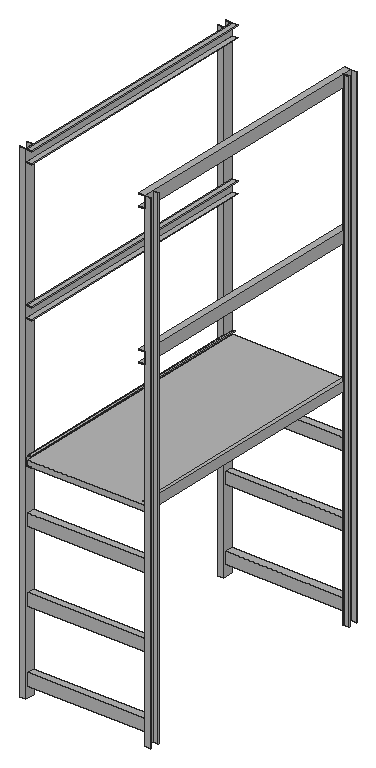
Revit family "Przejscie_attyka", category Specialty Equipment, Revit 2019
Family settings
  Round Connector Dimension = Use Diameter
  Part Type = Normal
  Work Plane-Based = No
  Always vertical = Yes
  Cut with Voids When Loaded = No
  Shared = No
  Room Calculation Point = No
Parameters (values of type "Standard")
  Wysokosc = 2070 mm
  Szerokosc = 550 mm
  Material = Blacha ocynkowana Ruukki
  Dlugosc = 1080 mm
Reference planes
  plane 1 "Center (Front/Back)": y = 0
  plane 2: z = 0
  plane 3 "Center (Left/Right)": x = 0
  plane 4: x = -275
  plane 5: x = 275
  plane 6: y = 540
  plane 7: y = -540
  plane 8 "szczyt": z = 2070
  plane 9 "podest": z = 900
  plane 10 "porecz1": z = 1458.446
Forms (mm)
  Extrusion 1, solid, material "Blacha ocynkowana Ruukki" <- "Material"
    sketch origin (0, 0, 900) x (-1, 0, 0) y (0, -1, 0)
      loop
        line (248.5, -540) -> (248.5, 535) -> (-248.5, 535) -> (-248.5, -540) -> (248.5, -540)
    from -23.5 to 0
  Extrusion 2, solid, material "Blacha ocynkowana Ruukki" <- "Material"
    sketch origin (2.5, 0, 0) x (1, 0, 0) y (0, 0, 1)
      loop
        line (-252.5, 1483.446) -> (-252.5, 1433.446) -> (-227.5, 1433.446) -> (-227.5, 1434.946) -> (-251, 1434.946) -> (-251, 1481.946) -> (-227.5, 1481.946) -> (-227.5, 1483.446) -> (-252.5, 1483.446)
      loop
        line (247.5, 1483.446) -> (222.5, 1483.446) -> (222.5, 1481.946) -> (246, 1481.946) -> (246, 1434.946) -> (222.5, 1434.946) -> (222.5, 1433.446) -> (247.5, 1433.446) -> (247.5, 1483.446)
      loop
        line (-252.5, 2070) -> (-252.5, 2020) -> (-227.5, 2020) -> (-227.5, 2021.5) -> (-251, 2021.5) -> (-251, 2068.5) -> (-227.5, 2068.5) -> (-227.5, 2070) -> (-252.5, 2070)
      loop
        line (247.5, 2070) -> (222.5, 2070) -> (222.5, 2068.5) -> (246, 2068.5) -> (246, 2021.5) -> (222.5, 2021.5) -> (222.5, 2020) -> (247.5, 2020) -> (247.5, 2070)
    from -540 to 540
  Extrusion 3, solid, material "Blacha ocynkowana Ruukki" <- "Material"
    sketch origin (0, 0, 1458.446) x (-1, 0, 0) y (0, -1, 0)
      loop
        line (275, -540) -> (275, -538.5) -> (251.5, -538.5) -> (251.5, -501.5) -> (275, -501.5) -> (275, -500) -> (250, -500) -> (250, -540) -> (275, -540)
      loop
        line (-275, -540) -> (-250, -540) -> (-250, -500) -> (-275, -500) -> (-275, -501.5) -> (-251.5, -501.5) -> (-251.5, -538.5) -> (-275, -538.5) -> (-275, -540)
      loop
        line (275, 540) -> (250, 540) -> (250, 500) -> (275, 500) -> (275, 501.5) -> (251.5, 501.5) -> (251.5, 538.5) -> (275, 538.5) -> (275, 540)
      loop
        line (-275, 540) -> (-275, 538.5) -> (-251.5, 538.5) -> (-251.5, 501.5) -> (-275, 501.5) -> (-275, 500) -> (-250, 500) -> (-250, 540) -> (-275, 540)
    from -1458.446 to 611.554
  Sweep 4, solid, material "Blacha ocynkowana Ruukki" <- "Material"
    path in 3D
      loop
        line (248.5, -535, 900) -> (248.5, 540, 900)
    profile "Profil_cienkoscienny_C : Profil_cienkoscienny_C_niski" origin (248.5, 2.5, 900) x (-1, 0, 0) y (0, 0, 1)
      loop
        line (0, 13.5) -> (13.5, 13.5) -> (13.5, 15) -> (-1.5, 15) -> (-1.5, -25) -> (13.5, -25) -> (13.5, -23.5) -> (0, -23.5) -> (0, 13.5)
  Sweep 5, solid, material "Blacha ocynkowana Ruukki" <- "Material"
    path in 3D
      loop
        line (-248.5, 540, 900) -> (-248.5, -535, 900)
    profile "Profil_cienkoscienny_C : Profil_cienkoscienny_C_niski" origin (-248.5, 2.5, 900) x (1, 0, 0) y (0, 0, 1)
      loop
        line (0, 13.5) -> (13.5, 13.5) -> (13.5, 15) -> (-1.5, 15) -> (-1.5, -25) -> (13.5, -25) -> (13.5, -23.5) -> (0, -23.5) -> (0, 13.5)
  Extrusion 6, solid, material "Blacha ocynkowana Ruukki" <- "Material"
    sketch origin (0, 0, -15) x (0, 1, 0) y (0, 0, 1)
      loop
        line (-505, 115) -> (-535, 115) -> (-535, 65) -> (-505, 65) -> (-505, 115)
    from -250 to 250
  Extrusion 7, solid, material "Blacha ocynkowana Ruukki" <- "Material"
    sketch origin (0, 0, 285) x (0, 1, 0) y (0, 0, 1)
      loop
        line (-505, 115) -> (-535, 115) -> (-535, 65) -> (-505, 65) -> (-505, 115)
    from -250 to 250
  Extrusion 8, solid, material "Blacha ocynkowana Ruukki" <- "Material"
    sketch origin (0, 0, 585) x (0, 1, 0) y (0, 0, 1)
      loop
        line (-505, 115) -> (-535, 115) -> (-535, 65) -> (-505, 65) -> (-505, 115)
    from -250 to 250
  Extrusion 9, solid, material "Blacha ocynkowana Ruukki" <- "Material"
    sketch origin (0, 0, -15) x (0, -1, 0) y (0, 0, -1)
      loop
        line (-505, -115) -> (-505, -65) -> (-535, -65) -> (-535, -115) -> (-505, -115)
    from -250 to 250
  Extrusion 10, solid, material "Blacha ocynkowana Ruukki" <- "Material"
    sketch origin (0, 0, 285) x (0, -1, 0) y (0, 0, -1)
      loop
        line (-505, -115) -> (-505, -65) -> (-535, -65) -> (-535, -115) -> (-505, -115)
    from -250 to 250
  Extrusion 11, solid, material "Blacha ocynkowana Ruukki" <- "Material"
    sketch origin (0, 0, 585) x (0, -1, 0) y (0, 0, -1)
      loop
        line (-505, -115) -> (-505, -65) -> (-535, -65) -> (-535, -115) -> (-505, -115)
    from -250 to 250
Lines and regions (mm)
  sketch lines
    curve 1: line (248.5, -535, 900) -> (248.5, 540, 900)
    curve 2: line (-248.5, 540, 900) -> (-248.5, -535, 900)
Dimensions and locks
  equal spacing: plane 4, plane 3 "Center (Left/Right)", plane 5
  "Szerokosc": plane 4 to plane 5
  equal spacing: plane 6, plane 1 "Center (Front/Back)", plane 7
  "Dlugosc": plane 6 to plane 7
  "Wysokosc": plane 8 "szczyt" to plane 2
  plane 9 "podest" to plane 2 = 900 mm
  Extrusion 6 to level = 50 mm
  plane 4 to plane 5 = 550 mm
  plane 6 to plane 7 = 1080 mm
  Extrusion 2 to Extrusion 2 = 450 mm
  Extrusion 2 to Extrusion 2 = 500 mm
  aligned and locked: level to plane 2
  aligned and locked: plane 6 to Extrusion 2
  aligned and locked: Extrusion 2 to plane 7
  aligned and locked: plane 9 "podest" to Extrusion 1
  aligned and locked: Extrusion 6 to Extrusion 1
  aligned and locked: plane 6 to Extrusion 1
Automatic sketch dimensions
  Extrusion 1 sketch curve to plane 6 = 0 mm
  Extrusion 1 sketch curve to plane 5 = 26.5 mm
  plane 7 to Extrusion 1 sketch curve = 5 mm
  plane 4 to Extrusion 1 sketch curve = 26.5 mm
  Extrusion 2 sketch curve to plane 8 "szczyt" = 0 mm  (x2)
  plane 4 to Extrusion 2 sketch curve = 25 mm  (x2)
  Extrusion 2 sketch curve to Extrusion 2 sketch curve = 1.5 mm  (x10)
  Extrusion 2 sketch curve to Extrusion 2 sketch curve = 23.5 mm  (x6)
  Extrusion 2 sketch curve to plane 8 "szczyt" = 1.5 mm  (x2)
  Extrusion 2 sketch curve to plane 10 "porecz1" = 23.5 mm  (x2)
  Extrusion 2 sketch curve to plane 5 = 50 mm  (x2)
  Extrusion 2 sketch curve to Extrusion 2 sketch curve = 0 mm  (x2)
  plane 10 "porecz1" to Extrusion 2 sketch curve = 23.5 mm  (x2)
  Extrusion 2 sketch curve to Extrusion 2 sketch curve = 48.5 mm  (x2)
  Extrusion 3 sketch curve to plane 5 = 0 mm  (x4)
  Extrusion 3 sketch curve to plane 6 = 0 mm  (x2)
  Extrusion 3 sketch curve to plane 7 = 0 mm  (x2)
  Extrusion 3 sketch curve to plane 4 = 0 mm  (x4)
  Extrusion 3 sketch curve to Extrusion 3 sketch curve = 23.5 mm  (x2)
  Extrusion 3 sketch curve to plane 6 = 1.5 mm  (x2)
  Extrusion 3 sketch curve to Extrusion 3 sketch curve = 1.5 mm  (x9)
  Extrusion 3 sketch curve to Extrusion 3 sketch curve = 25 mm  (x2)
  Extrusion 3 sketch curve to Extrusion 3 sketch curve = 37 mm  (x2)
  plane 7 to Extrusion 3 sketch curve = 40 mm  (x2)
  plane 7 to Extrusion 3 sketch curve = 1.5 mm
  plane 7 to Extrusion 6 sketch curve = 5 mm
  Extrusion 6 sketch curve to Extrusion 6 sketch curve = 30 mm
  level to Extrusion 6 sketch curve = 50 mm
  Extrusion 6 sketch curve to Extrusion 6 sketch curve = 50 mm
  plane 7 to Extrusion 7 sketch curve = 5 mm
  Extrusion 7 sketch curve to Extrusion 7 sketch curve = 30 mm
  level to Extrusion 7 sketch curve = 350 mm
  Extrusion 7 sketch curve to Extrusion 7 sketch curve = 50 mm
  plane 7 to Extrusion 8 sketch curve = 5 mm
  Extrusion 8 sketch curve to Extrusion 8 sketch curve = 30 mm
  Extrusion 8 sketch curve to plane 9 "podest" = 250 mm
  Extrusion 8 sketch curve to Extrusion 8 sketch curve = 50 mm
  plane 6 to Extrusion 9 sketch curve = 5 mm
  Extrusion 9 sketch curve to Extrusion 9 sketch curve = 30 mm
  Extrusion 9 sketch curve to level = 50 mm
  Extrusion 9 sketch curve to Extrusion 9 sketch curve = 50 mm
  plane 6 to Extrusion 10 sketch curve = 5 mm
  Extrusion 10 sketch curve to Extrusion 10 sketch curve = 30 mm
  Extrusion 10 sketch curve to level = 350 mm
  Extrusion 10 sketch curve to Extrusion 10 sketch curve = 50 mm
  plane 6 to Extrusion 11 sketch curve = 5 mm
  Extrusion 11 sketch curve to Extrusion 11 sketch curve = 30 mm
  plane 9 "podest" to Extrusion 11 sketch curve = 250 mm
  Extrusion 11 sketch curve to Extrusion 11 sketch curve = 50 mm
